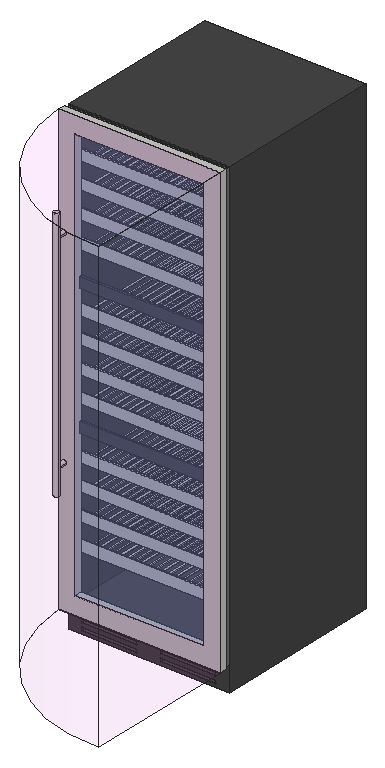
Revit family "QF_Summit_SWCP1988T_Wine_Cellar", category Specialty Equipment, Revit 2020
Family settings
  Round Connector Dimension = Use Diameter
  Part Type = Normal
  Work Plane-Based = No
  Always vertical = Yes
  Cut with Voids When Loaded = No
  Shared = No
  Room Calculation Point = No
Parameters
  Weight in Pounds = 269
  Watts = if(Phase = 3, Volts * FL Amps * 1.73, Volts * FL Amps)  # 149.5 W
  Volts = 115 V
  URL Cutsheet = ""
  Specification by User = ""
  Specification by Manufacturer = ""
  Show RHD [instance] = not(Show LHD)  # no
  Show LHD [instance] = yes
  Show Clearance [instance] = yes
  Serial Number = ""
  Seismic Rating = ""
  SMACNA No = ""
  Revision Code = ""
  Refrigerant Type = "R600a"
  Phase = 1
  Number of Poles = 1
  NAFEM Spec ID Number = ""
  Model = "SWCP1988T"
  Min Ckt Ampacity = 0 A
  Max Overcurrent Protection = 0 A
  Masterspec = ""
  Manufacturer = "Summit"
  Length = 23 5/8"
  Item Number = ""
  Installed By = ""
  Identify Quantity as Lot = yes
  Height = 69 1/2"
  HP = ""
  Furnished By = ""
  Foodservice Equipment Identifier = yes
  FL Amps = 1.3 A
  Electrical Remarks = ""
  Electric Connection Type = ""
  Elec Conn RI Height = 0"
  Elec Conn Connection Height = 0"
  Description = "Wine Cellar"
  Depth = 26 1/2"
  Default Elevation = 0"
  Cycle = 60 Hz
  Conn Plug = ""
  Conn Conduit = yes
  CSI MasterFormat = ""
  Apparent Power = if(Phase = 3, Volts * FL Amps * 1.73, Volts * FL Amps)  # 149.5 VA
Reference planes (in)
  plane 1 "BACK": y = 0
  plane 2: z = 0
  plane 3 "LEFT": x = 0
  plane 4 "RIGHT": x = 23.625
  plane 5 "FRONT": y = -26.5
  plane 6 "TOP": z = 69.5
  plane 7 "Center Y": x = 11.8125
  plane 8 "Center X": y = -13.25
  plane 9: y = -24.75
  plane 10: y = -48.75
  plane 11: y = -28.25
  plane 12 "Base Height": z = 0.75
  plane 13: z = 4
  plane 14: z = 6.125
  plane 15: x = 1.1875
Forms (in)
  Extrusion 1, solid, material "QF_Metal_Stainless_Polished"
    sketch origin (23.625, -24.75, 0.75) x (-1, 0, 0) y (0, 0, -1)
      loop
        line (23.625, -68.75) -> (23.625, -3.375) -> (0, -3.375) -> (0, -68.75) -> (23.625, -68.75)
      loop
        line (2.5, -6) -> (2.5, -66.375) -> (21.25, -66.375) -> (21.25, -6) -> (2.5, -6)
    from 0.75 to 1.75
  Extrusion 2, solid, material "Glass"
    sketch origin (23.625, -24.75, 0.75) x (-1, 0, 0) y (0, 0, -1)
      loop
        line (21.25, -66.375) -> (21.25, -6) -> (2.5, -6) -> (2.5, -66.375) -> (21.25, -66.375)
    from 1 to 1.75
  Extrusion 3, solid, material "QF_Metal_Black"
    sketch origin (23.625, -24.75, 0.75) x (-1, 0, 0) y (0, 0, -1)
      loop
        line (2.5, -47.525) -> (21.25, -47.525) -> (21.25, -45.9) -> (2.5, -45.9) -> (2.5, -47.525)
      loop
        line (2.5, -28.5) -> (21.25, -28.5) -> (21.25, -26.875) -> (2.5, -26.875) -> (2.5, -28.5)
    from 0.75 to 1
  Extrusion 4, solid, material "QF_Metal_Stainless_Polished", visible <- "Show LHD"
    sketch origin (14.48848, -23.375, 0.625) x (-1, 0, 0) y (0, 0, -1)
      loop
        circle (13.7387, -53.045) r 0.3125
      loop
        circle (13.7387, -22.92) r 0.3125
    from 4.44906 to 3.125
  Extrusion 5, solid, material "QF_Metal_Stainless_Polished", visible <- "Show LHD"
    sketch origin (0.25576, 0, 0.75) x (-1, 0, 0) y (0, -1, 0)
      loop
        circle (-0.49424, 27.875) r 0.375
    from 19.17 to 56.17
  Extrusion 6, solid, material "QF_Rubber_Black_Smooth"
    sketch origin (1.09375, 0, 0.3125) x (1, 0, 0) y (0, 0, -1)
      loop
        circle (18.97551, -1.51083) r 0.25
    from -0.0625 to 0.10156
  Extrusion 7, void
    sketch origin (23.625, 0, 0) x (0, -1, 0) y (0, 0, 1)
      loop
        line (3.75, 68.125) -> (3.75, 10.375) -> (9.75, 10.375) -> (9.75, 5.375) -> (25.125, 5.375) -> (25.125, 68.125) -> (3.75, 68.125)
    from 1.625 to 22.125
  Extrusion 8, solid, material "QF_Rubber_Black_Smooth"
    sketch origin (23.625, -24.75, 0.75) x (-1, 0, 0) y (0, 0, -1)
      loop
        line (23.375, -3.5) -> (0.25, -3.5) -> (0.25, -68.5) -> (23.375, -68.5) -> (23.375, -3.5)
      loop
        line (22.375, -67.5) -> (22.375, -4.5) -> (1.25, -4.5) -> (1.25, -67.5) -> (22.375, -67.5)
    from 0 to 0.75
  Extrusion 9, solid, material "QF_Metal_Black"
    sketch origin (0, 0, 0.75) x (-1, 0, 0) y (0, -1, 0)
      loop
        line (-0.0625, 0) -> (-0.0625, 24.75) -> (-23.5625, 24.75) -> (-23.5625, 0) -> (-0.0625, 0)
    from 0 to 68.75
  Extrusion 10, void
    sketch origin (24.0305, -23.84336, 1.19002) x (-1, 0, 0) y (0, 0.258819, -0.965926)
      loop
        line (22.0305, -2.75) -> (22.0305, -2.25) -> (14.0305, -2.25) -> (14.0305, -2.75) -> (22.0305, -2.75)
      loop
        line (22.0305, -1.75) -> (22.0305, -1.25) -> (14.0305, -1.25) -> (14.0305, -1.75) -> (22.0305, -1.75)
      loop
        line (22.0305, -0.75) -> (22.0305, -0.25) -> (14.0305, -0.25) -> (14.0305, -0.75) -> (22.0305, -0.75)
      loop
        line (2.5305, -2.75) -> (10.5305, -2.75) -> (10.5305, -2.25) -> (2.5305, -2.25) -> (2.5305, -2.75)
      loop
        line (2.5305, -1.75) -> (10.5305, -1.75) -> (10.5305, -1.25) -> (2.5305, -1.25) -> (2.5305, -1.75)
      loop
        line (2.5305, -0.75) -> (10.5305, -0.75) -> (10.5305, -0.25) -> (2.5305, -0.25) -> (2.5305, -0.75)
    from 1.44536 to -1
  Revolve 11, solid
    sketch origin (0, -2.83333, 0) x (1, 0, 0) y (0, 0, 1)
      loop
        line (21.93936, 0.75) -> (21.75886, 0.75) -> (21.75886, 0.482) -> (21.31436, 0.482) -> (21.34561, 0) -> (21.93936, 0) -> (21.93936, 0.75)
      axis (21.93936, 0) -> (21.93936, 0.75)
    angle from 0 to 360
  Revolve 12, solid
    sketch origin (-20.25186, -2.83333, 0) x (1, 0, 0) y (0, 0, 1)
      loop
        line (21.93936, 0.75) -> (21.75886, 0.75) -> (21.75886, 0.482) -> (21.31436, 0.482) -> (21.34561, 0) -> (21.93936, 0) -> (21.93936, 0.75)
      axis (21.93936, 0) -> (21.93936, 0.75)
    angle from 0 to 360
  Revolve 13, solid
    sketch origin (0, -21.91667, 0) x (1, 0, 0) y (0, 0, 1)
      loop
        line (21.93936, 0.75) -> (21.75886, 0.75) -> (21.75886, 0.482) -> (21.31436, 0.482) -> (21.34561, 0) -> (21.93936, 0) -> (21.93936, 0.75)
      axis (21.93936, 0) -> (21.93936, 0.75)
    angle from 0 to 360
  Revolve 14, solid
    sketch origin (-20.25186, -21.91667, 0) x (1, 0, 0) y (0, 0, 1)
      loop
        line (21.93936, 0.75) -> (21.75886, 0.75) -> (21.75886, 0.482) -> (21.31436, 0.482) -> (21.34561, 0) -> (21.93936, 0) -> (21.93936, 0.75)
      axis (21.93936, 0) -> (21.93936, 0.75)
    angle from 0 to 360
  Extrusion 15, solid, material "QF_Metal_Black"
    sketch origin (23.625, -3.75, 31.875) x (0, 0, -1) y (1, 0, 0)
      loop
        circle (-33.18101, -11.875) r 1.03125
      loop
        circle (-33.18101, -11.875) r 1.125
      loop
        circle (-33.18101, -11.875) r 1.40625
      loop
        circle (-33.18101, -11.875) r 1.5
      loop
        circle (-33.18101, -11.875) r 1.78125
      loop
        circle (-33.18101, -11.875) r 1.875
    from 0 to 0.25
  Extrusion 16, solid, material "QF_Clearances_Door_Drawer", visible <- "Show LHD"
    sketch origin (0, 0, 0.75) x (-1, 0, 0) y (0, -1, 0)
      loop
        line (-23.625, 48.74698) -> (-23.625, 26.5) -> (-0.02152, 26.5)
        arc (-0.02152, 26.5) -> (-7.30314, 42.41922) -> (-23.625, 48.74698) r 23.25
    from 3.25 to 68.75
  Extrusion 17, solid, material "QF_Metal_Stainless_Polished"
    sketch origin (23.625, -25.5, 0.75) x (1, 0, 0) y (0, 0, -1)
      loop
        line (-21.25, -64.01254) -> (-2.5, -64.01254) -> (-2.5, -62.41369) -> (-21.25, -62.41369) -> (-21.25, -64.01254)
    from 0 to 0.125
  Extrusion 18, solid, material "QF_Metal_Stainless_Polished"
    sketch origin (23.625, -25.375, 0.75) x (1, 0, 0) y (0, 0, -1)
      loop
        circle (-11.8125, -62.65879) r 0.11817
      loop
        circle (-12.8125, -62.65879) r 0.11817
      loop
        circle (-13.8125, -62.65879) r 0.11817
      loop
        circle (-14.8125, -62.65879) r 0.11817
      loop
        circle (-15.8125, -62.65879) r 0.11817
      loop
        circle (-16.8125, -62.65879) r 0.11817
      loop
        circle (-17.8125, -62.65879) r 0.11817
      loop
        circle (-18.8125, -62.65879) r 0.11817
      loop
        circle (-19.8125, -62.65879) r 0.11817
      loop
        circle (-20.8125, -62.65879) r 0.11817
      loop
        circle (-10.8125, -62.65879) r 0.11817
      loop
        circle (-9.8125, -62.65879) r 0.11817
      loop
        circle (-8.8125, -62.65879) r 0.11817
      loop
        circle (-7.8125, -62.65879) r 0.11817
      loop
        circle (-6.8125, -62.65879) r 0.11817
      loop
        circle (-5.8125, -62.65879) r 0.11817
      loop
        circle (-4.8125, -62.65879) r 0.11817
      loop
        circle (-3.8125, -62.65879) r 0.11817
      loop
        circle (-2.8125, -62.65879) r 0.11817
    from 0 to 21
  Extrusion 19, solid, material "QF_Metal_Stainless_Polished", not visible
    sketch origin (23.625, -25.5, 0.75) x (1, 0, 0) y (0, 0, -1)
      loop
        line (-21.25, -64.01254) -> (-2.5, -64.01254) -> (-2.5, -62.41369) -> (-21.25, -62.41369) -> (-21.25, -64.01254)
    from 0 to 0.125
  Extrusion 20, solid, material "QF_Metal_Stainless_Polished", not visible
    sketch origin (23.625, -25.375, 0.75) x (1, 0, 0) y (0, 0, -1)
      loop
        circle (-11.8125, -62.65879) r 0.11817
      loop
        circle (-12.8125, -62.65879) r 0.11817
      loop
        circle (-13.8125, -62.65879) r 0.11817
      loop
        circle (-14.8125, -62.65879) r 0.11817
      loop
        circle (-15.8125, -62.65879) r 0.11817
      loop
        circle (-16.8125, -62.65879) r 0.11817
      loop
        circle (-17.8125, -62.65879) r 0.11817
      loop
        circle (-18.8125, -62.65879) r 0.11817
      loop
        circle (-19.8125, -62.65879) r 0.11817
      loop
        circle (-20.8125, -62.65879) r 0.11817
      loop
        circle (-10.8125, -62.65879) r 0.11817
      loop
        circle (-9.8125, -62.65879) r 0.11817
      loop
        circle (-8.8125, -62.65879) r 0.11817
      loop
        circle (-7.8125, -62.65879) r 0.11817
      loop
        circle (-6.8125, -62.65879) r 0.11817
      loop
        circle (-5.8125, -62.65879) r 0.11817
      loop
        circle (-4.8125, -62.65879) r 0.11817
      loop
        circle (-3.8125, -62.65879) r 0.11817
      loop
        circle (-2.8125, -62.65879) r 0.11817
    from 0 to 21
  Extrusion 21, solid, material "QF_Metal_Stainless_Polished"
    sketch origin (21.125, -25.5, 63.16369) x (0, 1, 0) y (1, 0, 0)
      loop
        line (21.125, -18.43067) -> (21.125, -0.18067) -> (20.875, -0.18067) -> (20.875, -18.43067) -> (21.125, -18.43067)
      loop
        line (7.125, -18.43067) -> (7.125, -0.18067) -> (6.875, -0.18067) -> (6.875, -18.43067) -> (7.125, -18.43067)
      loop
        line (12.25, -18.43067) -> (12.25, -0.18067) -> (12, -0.18067) -> (12, -18.43067) -> (12.25, -18.43067)
    from -0.33488 to -0.19678
  Extrusion 22, solid, material "QF_Metal_Stainless_Polished", not visible
    sketch origin (21.125, -25.5, 63.16369) x (0, 1, 0) y (1, 0, 0)
      loop
        line (21.125, -18.43067) -> (21.125, -0.18067) -> (20.875, -0.18067) -> (20.875, -18.43067) -> (21.125, -18.43067)
      loop
        line (7.125, -18.43067) -> (7.125, -0.18067) -> (6.875, -0.18067) -> (6.875, -18.43067) -> (7.125, -18.43067)
      loop
        line (12.25, -18.43067) -> (12.25, -0.18067) -> (12, -0.18067) -> (12, -18.43067) -> (12.25, -18.43067)
    from -0.33488 to -0.19678
  Extrusion 23, solid, material "QF_Metal_Stainless_Polished"
    sketch origin (23.625, -25.5, -3.125) x (1, 0, 0) y (0, 0, -1)
      loop
        line (-21.25, -64.01254) -> (-2.5, -64.01254) -> (-2.5, -62.41369) -> (-21.25, -62.41369) -> (-21.25, -64.01254)
    from 0 to 0.125
  Extrusion 24, solid, material "QF_Metal_Stainless_Polished"
    sketch origin (23.625, -25.375, -3.125) x (1, 0, 0) y (0, 0, -1)
      loop
        circle (-11.8125, -62.65879) r 0.11817
      loop
        circle (-12.8125, -62.65879) r 0.11817
      loop
        circle (-13.8125, -62.65879) r 0.11817
      loop
        circle (-14.8125, -62.65879) r 0.11817
      loop
        circle (-15.8125, -62.65879) r 0.11817
      loop
        circle (-16.8125, -62.65879) r 0.11817
      loop
        circle (-17.8125, -62.65879) r 0.11817
      loop
        circle (-18.8125, -62.65879) r 0.11817
      loop
        circle (-19.8125, -62.65879) r 0.11817
      loop
        circle (-20.8125, -62.65879) r 0.11817
      loop
        circle (-10.8125, -62.65879) r 0.11817
      loop
        circle (-9.8125, -62.65879) r 0.11817
      loop
        circle (-8.8125, -62.65879) r 0.11817
      loop
        circle (-7.8125, -62.65879) r 0.11817
      loop
        circle (-6.8125, -62.65879) r 0.11817
      loop
        circle (-5.8125, -62.65879) r 0.11817
      loop
        circle (-4.8125, -62.65879) r 0.11817
      loop
        circle (-3.8125, -62.65879) r 0.11817
      loop
        circle (-2.8125, -62.65879) r 0.11817
    from 0 to 21
  Extrusion 25, solid, material "QF_Metal_Stainless_Polished"
    sketch origin (21.125, -25.5, 59.28869) x (0, 1, 0) y (1, 0, 0)
      loop
        line (21.125, -18.43067) -> (21.125, -0.18067) -> (20.875, -0.18067) -> (20.875, -18.43067) -> (21.125, -18.43067)
      loop
        line (7.125, -18.43067) -> (7.125, -0.18067) -> (6.875, -0.18067) -> (6.875, -18.43067) -> (7.125, -18.43067)
      loop
        line (12.25, -18.43067) -> (12.25, -0.18067) -> (12, -0.18067) -> (12, -18.43067) -> (12.25, -18.43067)
    from -0.33488 to -0.19678
  Extrusion 26, solid, material "QF_Metal_Stainless_Polished"
    sketch origin (23.625, -25.5, -7) x (1, 0, 0) y (0, 0, -1)
      loop
        line (-21.25, -64.01254) -> (-2.5, -64.01254) -> (-2.5, -62.41369) -> (-21.25, -62.41369) -> (-21.25, -64.01254)
    from 0 to 0.125
  Extrusion 27, solid, material "QF_Metal_Stainless_Polished"
    sketch origin (23.625, -25.375, -7) x (1, 0, 0) y (0, 0, -1)
      loop
        circle (-11.8125, -62.65879) r 0.11817
      loop
        circle (-12.8125, -62.65879) r 0.11817
      loop
        circle (-13.8125, -62.65879) r 0.11817
      loop
        circle (-14.8125, -62.65879) r 0.11817
      loop
        circle (-15.8125, -62.65879) r 0.11817
      loop
        circle (-16.8125, -62.65879) r 0.11817
      loop
        circle (-17.8125, -62.65879) r 0.11817
      loop
        circle (-18.8125, -62.65879) r 0.11817
      loop
        circle (-19.8125, -62.65879) r 0.11817
      loop
        circle (-20.8125, -62.65879) r 0.11817
      loop
        circle (-10.8125, -62.65879) r 0.11817
      loop
        circle (-9.8125, -62.65879) r 0.11817
      loop
        circle (-8.8125, -62.65879) r 0.11817
      loop
        circle (-7.8125, -62.65879) r 0.11817
      loop
        circle (-6.8125, -62.65879) r 0.11817
      loop
        circle (-5.8125, -62.65879) r 0.11817
      loop
        circle (-4.8125, -62.65879) r 0.11817
      loop
        circle (-3.8125, -62.65879) r 0.11817
      loop
        circle (-2.8125, -62.65879) r 0.11817
    from 0 to 21
  Extrusion 28, solid, material "QF_Metal_Stainless_Polished"
    sketch origin (21.125, -25.5, 55.41369) x (0, 1, 0) y (1, 0, 0)
      loop
        line (21.125, -18.43067) -> (21.125, -0.18067) -> (20.875, -0.18067) -> (20.875, -18.43067) -> (21.125, -18.43067)
      loop
        line (7.125, -18.43067) -> (7.125, -0.18067) -> (6.875, -0.18067) -> (6.875, -18.43067) -> (7.125, -18.43067)
      loop
        line (12.25, -18.43067) -> (12.25, -0.18067) -> (12, -0.18067) -> (12, -18.43067) -> (12.25, -18.43067)
    from -0.33488 to -0.19678
  Extrusion 29, solid, material "QF_Metal_Stainless_Polished"
    sketch origin (23.625, -25.5, -10.875) x (1, 0, 0) y (0, 0, -1)
      loop
        line (-21.25, -64.01254) -> (-2.5, -64.01254) -> (-2.5, -62.41369) -> (-21.25, -62.41369) -> (-21.25, -64.01254)
    from 0 to 0.125
  Extrusion 30, solid, material "QF_Metal_Stainless_Polished"
    sketch origin (23.625, -25.375, -10.875) x (1, 0, 0) y (0, 0, -1)
      loop
        circle (-11.8125, -62.65879) r 0.11817
      loop
        circle (-12.8125, -62.65879) r 0.11817
      loop
        circle (-13.8125, -62.65879) r 0.11817
      loop
        circle (-14.8125, -62.65879) r 0.11817
      loop
        circle (-15.8125, -62.65879) r 0.11817
      loop
        circle (-16.8125, -62.65879) r 0.11817
      loop
        circle (-17.8125, -62.65879) r 0.11817
      loop
        circle (-18.8125, -62.65879) r 0.11817
      loop
        circle (-19.8125, -62.65879) r 0.11817
      loop
        circle (-20.8125, -62.65879) r 0.11817
      loop
        circle (-10.8125, -62.65879) r 0.11817
      loop
        circle (-9.8125, -62.65879) r 0.11817
      loop
        circle (-8.8125, -62.65879) r 0.11817
      loop
        circle (-7.8125, -62.65879) r 0.11817
      loop
        circle (-6.8125, -62.65879) r 0.11817
      loop
        circle (-5.8125, -62.65879) r 0.11817
      loop
        circle (-4.8125, -62.65879) r 0.11817
      loop
        circle (-3.8125, -62.65879) r 0.11817
      loop
        circle (-2.8125, -62.65879) r 0.11817
    from 0 to 21
  Extrusion 31, solid, material "QF_Metal_Stainless_Polished"
    sketch origin (21.125, -25.5, 51.53869) x (0, 1, 0) y (1, 0, 0)
      loop
        line (21.125, -18.43067) -> (21.125, -0.18067) -> (20.875, -0.18067) -> (20.875, -18.43067) -> (21.125, -18.43067)
      loop
        line (7.125, -18.43067) -> (7.125, -0.18067) -> (6.875, -0.18067) -> (6.875, -18.43067) -> (7.125, -18.43067)
      loop
        line (12.25, -18.43067) -> (12.25, -0.18067) -> (12, -0.18067) -> (12, -18.43067) -> (12.25, -18.43067)
    from -0.33488 to -0.19678
  Extrusion 32, solid, material "QF_Metal_Stainless_Polished"
    sketch origin (23.625, -25.5, -19.475) x (1, 0, 0) y (0, 0, -1)
      loop
        line (-21.25, -64.01254) -> (-2.5, -64.01254) -> (-2.5, -62.41369) -> (-21.25, -62.41369) -> (-21.25, -64.01254)
    from 0 to 0.125
  Extrusion 33, solid, material "QF_Metal_Stainless_Polished"
    sketch origin (23.625, -25.375, -19.475) x (1, 0, 0) y (0, 0, -1)
      loop
        circle (-11.8125, -62.65879) r 0.11817
      loop
        circle (-12.8125, -62.65879) r 0.11817
      loop
        circle (-13.8125, -62.65879) r 0.11817
      loop
        circle (-14.8125, -62.65879) r 0.11817
      loop
        circle (-15.8125, -62.65879) r 0.11817
      loop
        circle (-16.8125, -62.65879) r 0.11817
      loop
        circle (-17.8125, -62.65879) r 0.11817
      loop
        circle (-18.8125, -62.65879) r 0.11817
      loop
        circle (-19.8125, -62.65879) r 0.11817
      loop
        circle (-20.8125, -62.65879) r 0.11817
      loop
        circle (-10.8125, -62.65879) r 0.11817
      loop
        circle (-9.8125, -62.65879) r 0.11817
      loop
        circle (-8.8125, -62.65879) r 0.11817
      loop
        circle (-7.8125, -62.65879) r 0.11817
      loop
        circle (-6.8125, -62.65879) r 0.11817
      loop
        circle (-5.8125, -62.65879) r 0.11817
      loop
        circle (-4.8125, -62.65879) r 0.11817
      loop
        circle (-3.8125, -62.65879) r 0.11817
      loop
        circle (-2.8125, -62.65879) r 0.11817
    from 0 to 21
  Extrusion 34, solid, material "QF_Metal_Stainless_Polished"
    sketch origin (21.125, -25.5, 42.93869) x (0, 1, 0) y (1, 0, 0)
      loop
        line (21.125, -18.43067) -> (21.125, -0.18067) -> (20.875, -0.18067) -> (20.875, -18.43067) -> (21.125, -18.43067)
      loop
        line (7.125, -18.43067) -> (7.125, -0.18067) -> (6.875, -0.18067) -> (6.875, -18.43067) -> (7.125, -18.43067)
      loop
        line (12.25, -18.43067) -> (12.25, -0.18067) -> (12, -0.18067) -> (12, -18.43067) -> (12.25, -18.43067)
    from -0.33488 to -0.19678
  Extrusion 35, solid, material "QF_Metal_Stainless_Polished"
    sketch origin (23.625, -25.5, -23.35) x (1, 0, 0) y (0, 0, -1)
      loop
        line (-21.25, -64.01254) -> (-2.5, -64.01254) -> (-2.5, -62.41369) -> (-21.25, -62.41369) -> (-21.25, -64.01254)
    from 0 to 0.125
  Extrusion 36, solid, material "QF_Metal_Stainless_Polished"
    sketch origin (23.625, -25.375, -23.35) x (1, 0, 0) y (0, 0, -1)
      loop
        circle (-11.8125, -62.65879) r 0.11817
      loop
        circle (-12.8125, -62.65879) r 0.11817
      loop
        circle (-13.8125, -62.65879) r 0.11817
      loop
        circle (-14.8125, -62.65879) r 0.11817
      loop
        circle (-15.8125, -62.65879) r 0.11817
      loop
        circle (-16.8125, -62.65879) r 0.11817
      loop
        circle (-17.8125, -62.65879) r 0.11817
      loop
        circle (-18.8125, -62.65879) r 0.11817
      loop
        circle (-19.8125, -62.65879) r 0.11817
      loop
        circle (-20.8125, -62.65879) r 0.11817
      loop
        circle (-10.8125, -62.65879) r 0.11817
      loop
        circle (-9.8125, -62.65879) r 0.11817
      loop
        circle (-8.8125, -62.65879) r 0.11817
      loop
        circle (-7.8125, -62.65879) r 0.11817
      loop
        circle (-6.8125, -62.65879) r 0.11817
      loop
        circle (-5.8125, -62.65879) r 0.11817
      loop
        circle (-4.8125, -62.65879) r 0.11817
      loop
        circle (-3.8125, -62.65879) r 0.11817
      loop
        circle (-2.8125, -62.65879) r 0.11817
    from 0 to 21
  Extrusion 37, solid, material "QF_Metal_Stainless_Polished"
    sketch origin (21.125, -25.5, 39.06369) x (0, 1, 0) y (1, 0, 0)
      loop
        line (21.125, -18.43067) -> (21.125, -0.18067) -> (20.875, -0.18067) -> (20.875, -18.43067) -> (21.125, -18.43067)
      loop
        line (7.125, -18.43067) -> (7.125, -0.18067) -> (6.875, -0.18067) -> (6.875, -18.43067) -> (7.125, -18.43067)
      loop
        line (12.25, -18.43067) -> (12.25, -0.18067) -> (12, -0.18067) -> (12, -18.43067) -> (12.25, -18.43067)
    from -0.33488 to -0.19678
  Extrusion 38, solid, material "QF_Metal_Stainless_Polished"
    sketch origin (23.625, -25.5, -27.225) x (1, 0, 0) y (0, 0, -1)
      loop
        line (-21.25, -64.01254) -> (-2.5, -64.01254) -> (-2.5, -62.41369) -> (-21.25, -62.41369) -> (-21.25, -64.01254)
    from 0 to 0.125
  Extrusion 39, solid, material "QF_Metal_Stainless_Polished"
    sketch origin (23.625, -25.375, -27.225) x (1, 0, 0) y (0, 0, -1)
      loop
        circle (-11.8125, -62.65879) r 0.11817
      loop
        circle (-12.8125, -62.65879) r 0.11817
      loop
        circle (-13.8125, -62.65879) r 0.11817
      loop
        circle (-14.8125, -62.65879) r 0.11817
      loop
        circle (-15.8125, -62.65879) r 0.11817
      loop
        circle (-16.8125, -62.65879) r 0.11817
      loop
        circle (-17.8125, -62.65879) r 0.11817
      loop
        circle (-18.8125, -62.65879) r 0.11817
      loop
        circle (-19.8125, -62.65879) r 0.11817
      loop
        circle (-20.8125, -62.65879) r 0.11817
      loop
        circle (-10.8125, -62.65879) r 0.11817
      loop
        circle (-9.8125, -62.65879) r 0.11817
      loop
        circle (-8.8125, -62.65879) r 0.11817
      loop
        circle (-7.8125, -62.65879) r 0.11817
      loop
        circle (-6.8125, -62.65879) r 0.11817
      loop
        circle (-5.8125, -62.65879) r 0.11817
      loop
        circle (-4.8125, -62.65879) r 0.11817
      loop
        circle (-3.8125, -62.65879) r 0.11817
      loop
        circle (-2.8125, -62.65879) r 0.11817
    from 0 to 21
  Extrusion 40, solid, material "QF_Metal_Stainless_Polished"
    sketch origin (21.125, -25.5, 35.18869) x (0, 1, 0) y (1, 0, 0)
      loop
        line (21.125, -18.43067) -> (21.125, -0.18067) -> (20.875, -0.18067) -> (20.875, -18.43067) -> (21.125, -18.43067)
      loop
        line (7.125, -18.43067) -> (7.125, -0.18067) -> (6.875, -0.18067) -> (6.875, -18.43067) -> (7.125, -18.43067)
      loop
        line (12.25, -18.43067) -> (12.25, -0.18067) -> (12, -0.18067) -> (12, -18.43067) -> (12.25, -18.43067)
    from -0.33488 to -0.19678
  Extrusion 41, solid, material "QF_Metal_Stainless_Polished"
    sketch origin (23.625, -25.5, -31.1) x (1, 0, 0) y (0, 0, -1)
      loop
        line (-21.25, -64.01254) -> (-2.5, -64.01254) -> (-2.5, -62.41369) -> (-21.25, -62.41369) -> (-21.25, -64.01254)
    from 0 to 0.125
  Extrusion 42, solid, material "QF_Metal_Stainless_Polished"
    sketch origin (23.625, -25.375, -31.1) x (1, 0, 0) y (0, 0, -1)
      loop
        circle (-11.8125, -62.65879) r 0.11817
      loop
        circle (-12.8125, -62.65879) r 0.11817
      loop
        circle (-13.8125, -62.65879) r 0.11817
      loop
        circle (-14.8125, -62.65879) r 0.11817
      loop
        circle (-15.8125, -62.65879) r 0.11817
      loop
        circle (-16.8125, -62.65879) r 0.11817
      loop
        circle (-17.8125, -62.65879) r 0.11817
      loop
        circle (-18.8125, -62.65879) r 0.11817
      loop
        circle (-19.8125, -62.65879) r 0.11817
      loop
        circle (-20.8125, -62.65879) r 0.11817
      loop
        circle (-10.8125, -62.65879) r 0.11817
      loop
        circle (-9.8125, -62.65879) r 0.11817
      loop
        circle (-8.8125, -62.65879) r 0.11817
      loop
        circle (-7.8125, -62.65879) r 0.11817
      loop
        circle (-6.8125, -62.65879) r 0.11817
      loop
        circle (-5.8125, -62.65879) r 0.11817
      loop
        circle (-4.8125, -62.65879) r 0.11817
      loop
        circle (-3.8125, -62.65879) r 0.11817
      loop
        circle (-2.8125, -62.65879) r 0.11817
    from 0 to 21
  Extrusion 43, solid, material "QF_Metal_Stainless_Polished"
    sketch origin (21.125, -25.5, 31.31369) x (0, 1, 0) y (1, 0, 0)
      loop
        line (21.125, -18.43067) -> (21.125, -0.18067) -> (20.875, -0.18067) -> (20.875, -18.43067) -> (21.125, -18.43067)
      loop
        line (7.125, -18.43067) -> (7.125, -0.18067) -> (6.875, -0.18067) -> (6.875, -18.43067) -> (7.125, -18.43067)
      loop
        line (12.25, -18.43067) -> (12.25, -0.18067) -> (12, -0.18067) -> (12, -18.43067) -> (12.25, -18.43067)
    from -0.33488 to -0.19678
  Extrusion 44, solid, material "QF_Metal_Stainless_Polished"
    sketch origin (23.625, -25.5, -38.725) x (1, 0, 0) y (0, 0, -1)
      loop
        line (-21.25, -64.01254) -> (-2.5, -64.01254) -> (-2.5, -62.41369) -> (-21.25, -62.41369) -> (-21.25, -64.01254)
    from 0 to 0.125
  Extrusion 45, solid, material "QF_Metal_Stainless_Polished"
    sketch origin (23.625, -25.375, -38.725) x (1, 0, 0) y (0, 0, -1)
      loop
        circle (-11.8125, -62.65879) r 0.11817
      loop
        circle (-12.8125, -62.65879) r 0.11817
      loop
        circle (-13.8125, -62.65879) r 0.11817
      loop
        circle (-14.8125, -62.65879) r 0.11817
      loop
        circle (-15.8125, -62.65879) r 0.11817
      loop
        circle (-16.8125, -62.65879) r 0.11817
      loop
        circle (-17.8125, -62.65879) r 0.11817
      loop
        circle (-18.8125, -62.65879) r 0.11817
      loop
        circle (-19.8125, -62.65879) r 0.11817
      loop
        circle (-20.8125, -62.65879) r 0.11817
      loop
        circle (-10.8125, -62.65879) r 0.11817
      loop
        circle (-9.8125, -62.65879) r 0.11817
      loop
        circle (-8.8125, -62.65879) r 0.11817
      loop
        circle (-7.8125, -62.65879) r 0.11817
      loop
        circle (-6.8125, -62.65879) r 0.11817
      loop
        circle (-5.8125, -62.65879) r 0.11817
      loop
        circle (-4.8125, -62.65879) r 0.11817
      loop
        circle (-3.8125, -62.65879) r 0.11817
      loop
        circle (-2.8125, -62.65879) r 0.11817
    from 0 to 21
  Extrusion 46, solid, material "QF_Metal_Stainless_Polished"
    sketch origin (21.125, -25.5, 23.68869) x (0, 1, 0) y (1, 0, 0)
      loop
        line (21.125, -18.43067) -> (21.125, -0.18067) -> (20.875, -0.18067) -> (20.875, -18.43067) -> (21.125, -18.43067)
      loop
        line (7.125, -18.43067) -> (7.125, -0.18067) -> (6.875, -0.18067) -> (6.875, -18.43067) -> (7.125, -18.43067)
      loop
        line (12.25, -18.43067) -> (12.25, -0.18067) -> (12, -0.18067) -> (12, -18.43067) -> (12.25, -18.43067)
    from -0.33488 to -0.19678
  Extrusion 47, solid, material "QF_Metal_Stainless_Polished"
    sketch origin (23.625, -25.5, -42.6) x (1, 0, 0) y (0, 0, -1)
      loop
        line (-21.25, -64.01254) -> (-2.5, -64.01254) -> (-2.5, -62.41369) -> (-21.25, -62.41369) -> (-21.25, -64.01254)
    from 0 to 0.125
  Extrusion 48, solid, material "QF_Metal_Stainless_Polished"
    sketch origin (23.625, -25.375, -42.6) x (1, 0, 0) y (0, 0, -1)
      loop
        circle (-11.8125, -62.65879) r 0.11817
      loop
        circle (-12.8125, -62.65879) r 0.11817
      loop
        circle (-13.8125, -62.65879) r 0.11817
      loop
        circle (-14.8125, -62.65879) r 0.11817
      loop
        circle (-15.8125, -62.65879) r 0.11817
      loop
        circle (-16.8125, -62.65879) r 0.11817
      loop
        circle (-17.8125, -62.65879) r 0.11817
      loop
        circle (-18.8125, -62.65879) r 0.11817
      loop
        circle (-19.8125, -62.65879) r 0.11817
      loop
        circle (-20.8125, -62.65879) r 0.11817
      loop
        circle (-10.8125, -62.65879) r 0.11817
      loop
        circle (-9.8125, -62.65879) r 0.11817
      loop
        circle (-8.8125, -62.65879) r 0.11817
      loop
        circle (-7.8125, -62.65879) r 0.11817
      loop
        circle (-6.8125, -62.65879) r 0.11817
      loop
        circle (-5.8125, -62.65879) r 0.11817
      loop
        circle (-4.8125, -62.65879) r 0.11817
      loop
        circle (-3.8125, -62.65879) r 0.11817
      loop
        circle (-2.8125, -62.65879) r 0.11817
    from 0 to 21
  Extrusion 49, solid, material "QF_Metal_Stainless_Polished"
    sketch origin (21.125, -25.5, 19.81369) x (0, 1, 0) y (1, 0, 0)
      loop
        line (21.125, -18.43067) -> (21.125, -0.18067) -> (20.875, -0.18067) -> (20.875, -18.43067) -> (21.125, -18.43067)
      loop
        line (7.125, -18.43067) -> (7.125, -0.18067) -> (6.875, -0.18067) -> (6.875, -18.43067) -> (7.125, -18.43067)
      loop
        line (12.25, -18.43067) -> (12.25, -0.18067) -> (12, -0.18067) -> (12, -18.43067) -> (12.25, -18.43067)
    from -0.33488 to -0.19678
  Extrusion 50, solid, material "QF_Metal_Stainless_Polished"
    sketch origin (23.625, -25.5, -46.475) x (1, 0, 0) y (0, 0, -1)
      loop
        line (-21.25, -64.01254) -> (-2.5, -64.01254) -> (-2.5, -62.41369) -> (-21.25, -62.41369) -> (-21.25, -64.01254)
    from 0 to 0.125
  Extrusion 51, solid, material "QF_Metal_Stainless_Polished"
    sketch origin (23.625, -25.375, -46.475) x (1, 0, 0) y (0, 0, -1)
      loop
        circle (-11.8125, -62.65879) r 0.11817
      loop
        circle (-12.8125, -62.65879) r 0.11817
      loop
        circle (-13.8125, -62.65879) r 0.11817
      loop
        circle (-14.8125, -62.65879) r 0.11817
      loop
        circle (-15.8125, -62.65879) r 0.11817
      loop
        circle (-16.8125, -62.65879) r 0.11817
      loop
        circle (-17.8125, -62.65879) r 0.11817
      loop
        circle (-18.8125, -62.65879) r 0.11817
      loop
        circle (-19.8125, -62.65879) r 0.11817
      loop
        circle (-20.8125, -62.65879) r 0.11817
      loop
        circle (-10.8125, -62.65879) r 0.11817
      loop
        circle (-9.8125, -62.65879) r 0.11817
      loop
        circle (-8.8125, -62.65879) r 0.11817
      loop
        circle (-7.8125, -62.65879) r 0.11817
      loop
        circle (-6.8125, -62.65879) r 0.11817
      loop
        circle (-5.8125, -62.65879) r 0.11817
      loop
        circle (-4.8125, -62.65879) r 0.11817
      loop
        circle (-3.8125, -62.65879) r 0.11817
      loop
        circle (-2.8125, -62.65879) r 0.11817
    from 0 to 21
  Extrusion 52, solid, material "QF_Metal_Stainless_Polished"
    sketch origin (21.125, -25.5, 15.93869) x (0, 1, 0) y (1, 0, 0)
      loop
        line (21.125, -18.43067) -> (21.125, -0.18067) -> (20.875, -0.18067) -> (20.875, -18.43067) -> (21.125, -18.43067)
      loop
        line (7.125, -18.43067) -> (7.125, -0.18067) -> (6.875, -0.18067) -> (6.875, -18.43067) -> (7.125, -18.43067)
      loop
        line (12.25, -18.43067) -> (12.25, -0.18067) -> (12, -0.18067) -> (12, -18.43067) -> (12.25, -18.43067)
    from -0.33488 to -0.19678
  Extrusion 53, solid, material "QF_Metal_Stainless_Polished"
    sketch origin (23.625, -25.5, -50.35) x (1, 0, 0) y (0, 0, -1)
      loop
        line (-21.25, -64.01254) -> (-2.5, -64.01254) -> (-2.5, -62.41369) -> (-21.25, -62.41369) -> (-21.25, -64.01254)
    from 0 to 0.125
  Extrusion 54, solid, material "QF_Metal_Stainless_Polished"
    sketch origin (23.625, -25.375, -50.35) x (1, 0, 0) y (0, 0, -1)
      loop
        circle (-11.8125, -62.65879) r 0.11817
      loop
        circle (-12.8125, -62.65879) r 0.11817
      loop
        circle (-13.8125, -62.65879) r 0.11817
      loop
        circle (-14.8125, -62.65879) r 0.11817
      loop
        circle (-15.8125, -62.65879) r 0.11817
      loop
        circle (-16.8125, -62.65879) r 0.11817
      loop
        circle (-17.8125, -62.65879) r 0.11817
      loop
        circle (-18.8125, -62.65879) r 0.11817
      loop
        circle (-19.8125, -62.65879) r 0.11817
      loop
        circle (-20.8125, -62.65879) r 0.11817
      loop
        circle (-10.8125, -62.65879) r 0.11817
      loop
        circle (-9.8125, -62.65879) r 0.11817
      loop
        circle (-8.8125, -62.65879) r 0.11817
      loop
        circle (-7.8125, -62.65879) r 0.11817
      loop
        circle (-6.8125, -62.65879) r 0.11817
      loop
        circle (-5.8125, -62.65879) r 0.11817
      loop
        circle (-4.8125, -62.65879) r 0.11817
      loop
        circle (-3.8125, -62.65879) r 0.11817
      loop
        circle (-2.8125, -62.65879) r 0.11817
    from 0 to 21
  Extrusion 55, solid, material "QF_Metal_Stainless_Polished"
    sketch origin (21.125, -25.5, 12.06369) x (0, 1, 0) y (1, 0, 0)
      loop
        line (21.125, -18.43067) -> (21.125, -0.18067) -> (20.875, -0.18067) -> (20.875, -18.43067) -> (21.125, -18.43067)
      loop
        line (7.125, -18.43067) -> (7.125, -0.18067) -> (6.875, -0.18067) -> (6.875, -18.43067) -> (7.125, -18.43067)
      loop
        line (12.25, -18.43067) -> (12.25, -0.18067) -> (12, -0.18067) -> (12, -18.43067) -> (12.25, -18.43067)
    from -0.33488 to -0.19678
  Extrusion 56, solid, material "QF_Clearances_Door_Drawer", visible <- "Show RHD"
    sketch origin (23.625, 0, 0.75) x (1, 0, 0) y (0, 1, 0)
      loop
        arc (-23.625, -48.74698) -> (-7.30314, -42.41922) -> (-0.02152, -26.5) r 23.25
        line (-0.02152, -26.5) -> (-23.625, -26.5) -> (-23.625, -48.74698)
    from 3.25 to 68.75
  Extrusion 57, solid, material "QF_Metal_Stainless_Polished", visible <- "Show RHD"
    sketch origin (9.13652, -23.375, 0.625) x (1, 0, 0) y (0, 0, 1)
      loop
        circle (13.7387, 53.045) r 0.3125
      loop
        circle (13.7387, 22.92) r 0.3125
    from 4.44906 to 3.125
  Extrusion 58, solid, material "QF_Metal_Stainless_Polished", visible <- "Show RHD"
    sketch origin (23.36924, 0, 0.75) x (1, 0, 0) y (0, 1, 0)
      loop
        circle (-0.49424, -27.875) r 0.375
    from 19.17 to 56.17
Cuts and joins
  Extrusion 7, Extrusion 10 cuts Extrusion 9
  joined: Extrusion 18, Extrusion 21
Lines and regions (in)
  Split face 1
    outline origin (23.625, -25.75, 0.75) x (-1, 0, 0) y (0, 0, -1)
      loop
        line (13.49558, -47.27279) -> (13.49558, -46.15221) -> (10.25442, -46.15221) -> (10.25442, -47.27279) -> (13.49558, -47.27279)
  Split face 2
    outline origin (23.625, -25.75, 0.75) x (-1, 0, 0) y (0, 0, -1)
      loop
        line (13.49558, -28.24779) -> (13.49558, -27.12721) -> (10.25442, -27.12721) -> (10.25442, -28.24779) -> (13.49558, -28.24779)
  Split face 3
    outline origin (23.625, -25.75, 0.75) x (-1, 0, 0) y (0, 0, -1)
      loop
        circle (6.92191, -46.73087) r 0.27344
  Split face 4
    outline origin (25.89706, -25.75, 0.75) x (-1, 0, 0) y (0, 0, -1)
      loop
        circle (6.92191, -46.73087) r 0.27344
  Split face 5
    outline origin (23.625, -25.75, 0.75) x (-1, 0, 0) y (0, 0, -1)
      loop
        circle (16.26416, -46.698) r 0.27344
  Split face 6
    outline origin (22.14237, -25.75, 0.76563) x (-1, 0, 0) y (0, 0, -1)
      loop
        circle (16.26416, -46.698) r 0.27344
  Split face 7
    outline origin (23.625, -25.75, 0.75) x (-1, 0, 0) y (0, 0, -1)
      loop
        circle (6.92191, -27.70587) r 0.27344
  Split face 8
    outline origin (25.89706, -25.75, 0.75) x (-1, 0, 0) y (0, 0, -1)
      loop
        circle (6.92191, -27.70587) r 0.27344
  Split face 9
    outline origin (23.625, -25.75, 0.75) x (-1, 0, 0) y (0, 0, -1)
      loop
        circle (16.26416, -27.6875) r 0.27344
  Split face 10
    outline origin (23.625, -25.75, 0.75) x (-1, 0, 0) y (0, 0, -1)
      loop
        circle (18.53622, -27.6875) r 0.27344
  Split face 11
    outline origin (23.625, -25.75, 0.75) x (-1, 0, 0) y (0, 0, -1)
      loop
        circle (4.64985, -46.73087) r 0.27344
  Split face 12
    outline origin (23.625, -25.75, 0.75) x (-1, 0, 0) y (0, 0, -1)
      loop
        circle (17.74679, -46.71363) r 0.27344
  Split face 13
    outline origin (23.625, -25.75, 0.75) x (-1, 0, 0) y (0, 0, -1)
      loop
        circle (4.64985, -27.70587) r 0.27344
  symbolic lines
    curve 1: line (0.0625, 0, 0.75) -> (23.5625, 0, 0.75)
    curve 2: line (0.0625, -24.75, 0.75) -> (0.0625, 0, 0.75)
    curve 3: line (23.5625, -24.75, 0.75) -> (0.0625, -24.75, 0.75)
    curve 4: line (23.5625, 0, 0.75) -> (23.5625, -24.75, 0.75)
    curve 5: line (0.25, -24.75, 0.75) -> (0.25, -25.5, 0.75)
    curve 6: line (23.375, -25.5, 0.75) -> (23.375, -24.75, 0.75)
    curve 7: line (0, -25.5, 0.75) -> (23.625, -25.5, 0.75)
    curve 8: line (0, -26.5, 0.75) -> (0, -25.5, 0.75)
    curve 9: line (23.625, -26.5, 0.75) -> (0, -26.5, 0.75)
    curve 10: line (23.625, -25.5, 0.75) -> (23.625, -26.5, 0.75)
  symbolic lines, visible <- "Show LHD"
    curve 11: arc (1.125, -27.875, 0.75) -> (0.75, -27.5, 0.75) -> (0.375, -27.875, 0.75) r 0.375
    curve 12: arc (0.375, -27.875, 0.75) -> (0.75, -28.25, 0.75) -> (1.125, -27.875, 0.75) r 0.375
    curve 13: line (0.43729, -27.66803, 0.75) -> (0.43729, -26.5, 0.75)
    curve 14: line (1.06229, -27.66739, 0.75) -> (1.06229, -26.5, 0.75)
  symbolic lines, style "QF_Clearances_Door_Drawer", visible <- "Show LHD"
    curve 15: arc (0.02152, -26.5, 0.75) -> (1.07988, -32.50345, 0.75) -> (3.66235, -38.02544, 0.75) r 23.25
    curve 16: line (3.66235, -38.02544, 0.75) -> (23.625, -26.5, 0.75)
  symbolic lines, visible <- "Show RHD"
    curve 17: arc (22.5, -27.875, 0.75) -> (22.875, -27.5, 0.75) -> (23.25, -27.875, 0.75) r 0.375
    curve 18: arc (23.25, -27.875, 0.75) -> (22.875, -28.25, 0.75) -> (22.5, -27.875, 0.75) r 0.375
    curve 19: line (23.18771, -27.66803, 0.75) -> (23.18771, -26.5, 0.75)
    curve 20: line (22.56271, -27.66739, 0.75) -> (22.56271, -26.5, 0.75)
  symbolic lines, style "QF_Clearances_Door_Drawer", visible <- "Show RHD"
    curve 21: arc (23.60348, -26.5, 0.75) -> (22.54512, -32.50345, 0.75) -> (19.96265, -38.02544, 0.75) r 23.25
    curve 22: line (19.96265, -38.02544, 0.75) -> (0, -26.5, 0.75)
Dimensions and locks (in)
  equal spacing: plane 3 "LEFT", plane 7 "Center Y", plane 4 "RIGHT"
  "Length": plane 3 "LEFT" to plane 4 "RIGHT"
  equal spacing: plane 5 "FRONT", plane 8 "Center X", plane 1 "BACK"
  "Depth": plane 5 "FRONT" to plane 1 "BACK"
  "Height": plane 6 "TOP" to level
  plane 9 to plane 1 "BACK" = 24 3/4"
  plane 10 to plane 1 "BACK" = 48 3/4"
  plane 11 to plane 5 "FRONT" = 1 3/4"
  plane 12 "Base Height" to level = 3/4"
  plane 13 to plane 12 "Base Height" = 3 1/4"
  Extrusion 7 sketch curve to plane 13 = 1 3/8"
  aligned and locked: level to plane 2
Automatic sketch dimensions
  Extrusion 17 sketch curve to Extrusion 17 sketch curve = 1.59885"
  Extrusion 18 sketch curve to Extrusion 17 = 7/16"
  Extrusion 18 sketch curve to Extrusion 17 = 0.2451"  (x19)
  Extrusion 18 sketch curve to Extrusion 18 sketch curve = 1"  (x17)
  Extrusion 18 sketch curve to Extrusion 17 = 5/16"
  Extrusion 17 sketch curve to Extrusion 17 sketch curve = 18 3/4"
  Extrusion 19 sketch curve to Extrusion 19 sketch curve = 1.59885"
  Extrusion 20 sketch curve to Extrusion 19 = 7/16"
  Extrusion 20 sketch curve to Extrusion 19 = 0.2451"  (x19)
  Extrusion 20 sketch curve to Extrusion 20 sketch curve = 1"  (x17)
  Extrusion 20 sketch curve to Extrusion 19 = 5/16"
  Extrusion 19 sketch curve to Extrusion 19 sketch curve = 18 3/4"
  Extrusion 21 sketch curve to Extrusion 17 = 0.18067"  (x3)
  Extrusion 17 to Extrusion 21 sketch curve = 6 3/4"
  Extrusion 21 sketch curve to Extrusion 21 sketch curve = 1/4"  (x3)
  Extrusion 21 sketch curve to Extrusion 21 sketch curve = 4 7/8"
  Extrusion 17 to Extrusion 21 sketch curve = 0.31933"  (x3)
  Extrusion 21 sketch curve to Extrusion 21 sketch curve = 8 5/8"
  Extrusion 23 sketch curve to Extrusion 23 sketch curve = 1.59885"
  Extrusion 24 sketch curve to Extrusion 23 = 7/16"
  Extrusion 24 sketch curve to Extrusion 23 = 0.2451"  (x19)
  Extrusion 24 sketch curve to Extrusion 24 sketch curve = 1"  (x17)
  Extrusion 24 sketch curve to Extrusion 23 = 5/16"
  Extrusion 23 sketch curve to Extrusion 23 sketch curve = 18 3/4"
  Extrusion 25 sketch curve to Extrusion 23 = 0.18067"  (x3)
  Extrusion 23 to Extrusion 25 sketch curve = 6 3/4"
  Extrusion 25 sketch curve to Extrusion 25 sketch curve = 1/4"  (x3)
  Extrusion 25 sketch curve to Extrusion 25 sketch curve = 4 7/8"
  Extrusion 23 to Extrusion 25 sketch curve = 0.31933"  (x3)
  Extrusion 25 sketch curve to Extrusion 25 sketch curve = 8 5/8"
  Extrusion 26 sketch curve to Extrusion 26 sketch curve = 1.59885"
  Extrusion 27 sketch curve to Extrusion 26 = 7/16"
  Extrusion 27 sketch curve to Extrusion 26 = 0.2451"  (x19)
  Extrusion 27 sketch curve to Extrusion 27 sketch curve = 1"  (x17)
  Extrusion 27 sketch curve to Extrusion 26 = 5/16"
  Extrusion 26 sketch curve to Extrusion 26 sketch curve = 18 3/4"
  Extrusion 28 sketch curve to Extrusion 26 = 0.18067"  (x3)
  Extrusion 26 to Extrusion 28 sketch curve = 6 3/4"
  Extrusion 28 sketch curve to Extrusion 28 sketch curve = 1/4"  (x3)
  Extrusion 28 sketch curve to Extrusion 28 sketch curve = 4 7/8"
  Extrusion 26 to Extrusion 28 sketch curve = 0.31933"  (x3)
  Extrusion 28 sketch curve to Extrusion 28 sketch curve = 8 5/8"
  Extrusion 29 sketch curve to Extrusion 29 sketch curve = 1.59885"
  Extrusion 30 sketch curve to Extrusion 29 = 7/16"
  Extrusion 30 sketch curve to Extrusion 29 = 0.2451"  (x19)
  Extrusion 30 sketch curve to Extrusion 30 sketch curve = 1"  (x17)
  Extrusion 30 sketch curve to Extrusion 29 = 5/16"
  Extrusion 29 sketch curve to Extrusion 29 sketch curve = 18 3/4"
  Extrusion 31 sketch curve to Extrusion 29 = 0.18067"  (x3)
  Extrusion 29 to Extrusion 31 sketch curve = 6 3/4"
  Extrusion 31 sketch curve to Extrusion 31 sketch curve = 1/4"  (x3)
  Extrusion 31 sketch curve to Extrusion 31 sketch curve = 4 7/8"
  Extrusion 29 to Extrusion 31 sketch curve = 0.31933"  (x3)
  Extrusion 31 sketch curve to Extrusion 31 sketch curve = 8 5/8"
  Extrusion 32 sketch curve to Extrusion 32 sketch curve = 1.59885"
  Extrusion 33 sketch curve to Extrusion 32 = 7/16"
  Extrusion 33 sketch curve to Extrusion 32 = 0.2451"  (x19)
  Extrusion 33 sketch curve to Extrusion 33 sketch curve = 1"  (x17)
  Extrusion 33 sketch curve to Extrusion 32 = 5/16"
  Extrusion 32 sketch curve to Extrusion 32 sketch curve = 18 3/4"
  Extrusion 34 sketch curve to Extrusion 32 = 0.18067"  (x3)
  Extrusion 32 to Extrusion 34 sketch curve = 6 3/4"
  Extrusion 34 sketch curve to Extrusion 34 sketch curve = 1/4"  (x3)
  Extrusion 34 sketch curve to Extrusion 34 sketch curve = 4 7/8"
  Extrusion 32 to Extrusion 34 sketch curve = 0.31933"  (x3)
  Extrusion 34 sketch curve to Extrusion 34 sketch curve = 8 5/8"
  Extrusion 35 sketch curve to Extrusion 35 sketch curve = 1.59885"
  Extrusion 36 sketch curve to Extrusion 35 = 7/16"
  Extrusion 36 sketch curve to Extrusion 35 = 0.2451"  (x19)
  Extrusion 36 sketch curve to Extrusion 36 sketch curve = 1"  (x17)
  Extrusion 36 sketch curve to Extrusion 35 = 5/16"
  Extrusion 35 sketch curve to Extrusion 35 sketch curve = 18 3/4"
  Extrusion 37 sketch curve to Extrusion 35 = 0.18067"  (x3)
  Extrusion 35 to Extrusion 37 sketch curve = 6 3/4"
  Extrusion 37 sketch curve to Extrusion 37 sketch curve = 1/4"  (x3)
  Extrusion 37 sketch curve to Extrusion 37 sketch curve = 4 7/8"
  Extrusion 35 to Extrusion 37 sketch curve = 0.31933"  (x3)
  Extrusion 37 sketch curve to Extrusion 37 sketch curve = 8 5/8"
  Extrusion 38 sketch curve to Extrusion 38 sketch curve = 1.59885"
  Extrusion 39 sketch curve to Extrusion 38 = 7/16"
  Extrusion 39 sketch curve to Extrusion 38 = 0.2451"  (x19)
  Extrusion 39 sketch curve to Extrusion 39 sketch curve = 1"  (x17)
  Extrusion 39 sketch curve to Extrusion 38 = 5/16"
  Extrusion 38 sketch curve to Extrusion 38 sketch curve = 18 3/4"
  Extrusion 40 sketch curve to Extrusion 38 = 0.18067"  (x3)
  Extrusion 38 to Extrusion 40 sketch curve = 6 3/4"
  Extrusion 40 sketch curve to Extrusion 40 sketch curve = 1/4"  (x3)
  Extrusion 40 sketch curve to Extrusion 40 sketch curve = 4 7/8"
  Extrusion 38 to Extrusion 40 sketch curve = 0.31933"  (x3)
  Extrusion 40 sketch curve to Extrusion 40 sketch curve = 8 5/8"
  Extrusion 41 sketch curve to Extrusion 41 sketch curve = 1.59885"
  Extrusion 42 sketch curve to Extrusion 41 = 7/16"
  Extrusion 42 sketch curve to Extrusion 41 = 0.2451"  (x19)
  Extrusion 42 sketch curve to Extrusion 42 sketch curve = 1"  (x17)
  Extrusion 42 sketch curve to Extrusion 41 = 5/16"
  Extrusion 41 sketch curve to Extrusion 41 sketch curve = 18 3/4"
  Extrusion 43 sketch curve to Extrusion 41 = 0.18067"  (x3)
  Extrusion 41 to Extrusion 43 sketch curve = 6 3/4"
  Extrusion 43 sketch curve to Extrusion 43 sketch curve = 1/4"  (x3)
  Extrusion 43 sketch curve to Extrusion 43 sketch curve = 4 7/8"
  Extrusion 41 to Extrusion 43 sketch curve = 0.31933"  (x3)
  Extrusion 43 sketch curve to Extrusion 43 sketch curve = 8 5/8"
  Extrusion 44 sketch curve to Extrusion 44 sketch curve = 1.59885"
  Extrusion 45 sketch curve to Extrusion 44 = 7/16"
  Extrusion 45 sketch curve to Extrusion 44 = 0.2451"  (x19)
  Extrusion 45 sketch curve to Extrusion 45 sketch curve = 1"  (x17)
  Extrusion 45 sketch curve to Extrusion 44 = 5/16"
  Extrusion 44 sketch curve to Extrusion 44 sketch curve = 18 3/4"
  Extrusion 46 sketch curve to Extrusion 44 = 0.18067"  (x3)
  Extrusion 44 to Extrusion 46 sketch curve = 6 3/4"
  Extrusion 46 sketch curve to Extrusion 46 sketch curve = 1/4"  (x3)
  Extrusion 46 sketch curve to Extrusion 46 sketch curve = 4 7/8"
  Extrusion 44 to Extrusion 46 sketch curve = 0.31933"  (x3)
  Extrusion 46 sketch curve to Extrusion 46 sketch curve = 8 5/8"
  Extrusion 47 sketch curve to Extrusion 47 sketch curve = 1.59885"
  Extrusion 48 sketch curve to Extrusion 47 = 7/16"
  Extrusion 48 sketch curve to Extrusion 47 = 0.2451"  (x19)
  Extrusion 48 sketch curve to Extrusion 48 sketch curve = 1"  (x17)
  Extrusion 48 sketch curve to Extrusion 47 = 5/16"
  Extrusion 47 sketch curve to Extrusion 47 sketch curve = 18 3/4"
  Extrusion 49 sketch curve to Extrusion 47 = 0.18067"  (x3)
  Extrusion 47 to Extrusion 49 sketch curve = 6 3/4"
  Extrusion 49 sketch curve to Extrusion 49 sketch curve = 1/4"  (x3)
  Extrusion 49 sketch curve to Extrusion 49 sketch curve = 4 7/8"
  Extrusion 47 to Extrusion 49 sketch curve = 0.31933"  (x3)
  Extrusion 49 sketch curve to Extrusion 49 sketch curve = 8 5/8"
  Extrusion 50 sketch curve to Extrusion 50 sketch curve = 1.59885"
  Extrusion 51 sketch curve to Extrusion 50 = 7/16"
  Extrusion 51 sketch curve to Extrusion 50 = 0.2451"  (x19)
  Extrusion 51 sketch curve to Extrusion 51 sketch curve = 1"  (x17)
  Extrusion 51 sketch curve to Extrusion 50 = 5/16"
  Extrusion 50 sketch curve to Extrusion 50 sketch curve = 18 3/4"
  Extrusion 52 sketch curve to Extrusion 50 = 0.18067"  (x3)
  Extrusion 50 to Extrusion 52 sketch curve = 6 3/4"
  Extrusion 52 sketch curve to Extrusion 52 sketch curve = 1/4"  (x3)
  Extrusion 52 sketch curve to Extrusion 52 sketch curve = 4 7/8"
  Extrusion 50 to Extrusion 52 sketch curve = 0.31933"  (x3)
  Extrusion 52 sketch curve to Extrusion 52 sketch curve = 8 5/8"
  Extrusion 53 sketch curve to Extrusion 53 sketch curve = 1.59885"
  Extrusion 54 sketch curve to Extrusion 53 = 7/16"
  Extrusion 54 sketch curve to Extrusion 53 = 0.2451"  (x19)
  Extrusion 54 sketch curve to Extrusion 54 sketch curve = 1"  (x17)
  Extrusion 54 sketch curve to Extrusion 53 = 5/16"
  Extrusion 53 sketch curve to Extrusion 53 sketch curve = 18 3/4"
  Extrusion 55 sketch curve to Extrusion 53 = 0.18067"  (x3)
  Extrusion 53 to Extrusion 55 sketch curve = 6 3/4"
  Extrusion 55 sketch curve to Extrusion 55 sketch curve = 1/4"  (x3)
  Extrusion 55 sketch curve to Extrusion 55 sketch curve = 4 7/8"
  Extrusion 53 to Extrusion 55 sketch curve = 0.31933"  (x3)
  Extrusion 55 sketch curve to Extrusion 55 sketch curve = 8 5/8"
  plane 4 "RIGHT" to Extrusion 1 sketch curve = 0"
  Extrusion 1 sketch curve to plane 3 "LEFT" = 0"
  Extrusion 1 sketch curve to plane 6 "TOP" = 0"
  plane 4 "RIGHT" to Extrusion 1 sketch curve = 2 1/2"
  plane 15 to Extrusion 1 sketch curve = 1 3/16"
  Extrusion 1 sketch curve to plane 6 "TOP" = 2 3/8"
  Extrusion 1 sketch curve to plane 14 = 5/8"
  plane 13 to Extrusion 1 sketch curve = 1/8"
  plane 4 "RIGHT" to Extrusion 2 sketch curve = 2 1/2"
  plane 15 to Extrusion 2 sketch curve = 1 3/16"
  Extrusion 2 sketch curve to plane 6 "TOP" = 2 3/8"
  Extrusion 2 sketch curve to plane 14 = 5/8"
  plane 4 "RIGHT" to Extrusion 3 sketch curve = 2 1/2"  (x2)
  plane 15 to Extrusion 3 sketch curve = 1 3/16"  (x2)
  Extrusion 3 sketch curve to plane 6 "TOP" = 21.225"
  Extrusion 3 sketch curve to Extrusion 3 sketch curve = 1 5/8"  (x2)
  Extrusion 3 sketch curve to Extrusion 3 sketch curve = 17.4"
  Extrusion 4 sketch curve to plane 15 = 0.43771"  (x2)
  Extrusion 4 sketch curve to plane 6 "TOP" = 15.83"
  Extrusion 4 sketch curve to plane 14 = 17.42"
  Extrusion 5 sketch curve to plane 15 = 7/16"
  Extrusion 5 sketch curve to plane 11 = 3/8"
  curve 11 to curve 12 = 0"  (x2)
  curve 17 to curve 18 = 0"  (x2)
  curve 7 to plane 4 "RIGHT" = 0"
  plane 5 "FRONT" to curve 21 = 0"
  curve 4 to plane 9 = 0"
  plane 1 "BACK" to curve 1 = 0"
  plane 5 "FRONT" to curve 19 = 0"
  plane 5 "FRONT" to curve 15 = 0"
  curve 8 to plane 3 "LEFT" = 0"
  plane 4 "RIGHT" to curve 4 = 1/16"
  curve 7 to curve 15 = 3/8"
  curve 18 to plane 11 = 3/8"
  plane 4 "RIGHT" to curve 18 = 3/4"
  plane 4 "RIGHT" to curve 22 = 3.66235"
  plane 15 to curve 16 = 2.47485"
  curve 11 to plane 15 = 7/16"
  plane 3 "LEFT" to curve 21 = 3/8"
  plane 3 "LEFT" to curve 2 = 1/16"
  curve 7 to plane 9 = 3/4"
  curve 15 to curve 6 = 0"
  curve 5 to curve 21 = 0"
  curve 11 to plane 11 = 3/8"
  plane 11 to curve 22 = 9.77544"
  plane 11 to curve 16 = 9.77544"
  curve 3 to curve 6 = 3/16"
  curve 17 to curve 17 = 3/8"
  curve 21 to curve 19 = 0.41577"
  curve 19 to curve 20 = 5/8"
  curve 12 to plane 15 = 1/16"
  curve 14 to plane 15 = 0.12521"
  curve 13 to curve 11 = 0.06229"
  curve 21 to curve 5 = 1/8"
  plane 12 "Base Height" to Extrusion 6 sketch curve = 1.07333"
  plane 4 "RIGHT" to Extrusion 6 sketch curve = 3.55574"
  Extrusion 7 sketch curve to plane 6 "TOP" = 1 3/8"
  plane 1 "BACK" to Extrusion 7 sketch curve = 3 3/4"
  plane 8 "Center X" to Extrusion 7 sketch curve = 3 1/2"
  Extrusion 7 sketch curve to plane 9 = 3/8"
  Extrusion 7 sketch curve to plane 14 = 4 1/4"
  plane 4 "RIGHT" to Extrusion 8 sketch curve = 1/4"
  plane 4 "RIGHT" to Extrusion 8 sketch curve = 1 1/4"
  plane 15 to Extrusion 8 sketch curve = 1/16"
  plane 3 "LEFT" to Extrusion 8 sketch curve = 1/4"
  Extrusion 8 sketch curve to plane 6 "TOP" = 1/4"
  Extrusion 8 sketch curve to plane 6 "TOP" = 1 1/4"
  plane 14 to Extrusion 8 sketch curve = 7/8"
  plane 13 to Extrusion 8 sketch curve = 1/4"
  plane 1 "BACK" to Extrusion 9 sketch curve = 0"
  Extrusion 9 sketch curve to plane 9 = 0"
  plane 4 "RIGHT" to Extrusion 9 sketch curve = 1/16"
  plane 3 "LEFT" to Extrusion 9 sketch curve = 1/16"
  plane 4 "RIGHT" to Extrusion 10 sketch curve = 2 1/8"
  Extrusion 10 sketch curve to Extrusion 10 sketch curve = 0"  (x9)
  plane 7 "Center Y" to Extrusion 10 sketch curve = 1 11/16"
  Extrusion 10 sketch curve to plane 7 "Center Y" = 1 13/16"
  plane 15 to Extrusion 10 sketch curve = 13/16"
  Extrusion 10 sketch curve to Extrusion 10 sketch curve = 1/2"  (x10)
  Revolve 11 sketch curve to level = 0"
  Revolve 11 sketch curve to plane 12 "Base Height" = 0"  (x2)
  Revolve 11 sketch curve to plane 12 "Base Height" = 0.268"
  plane 4 "RIGHT" to Revolve 11 sketch curve = 2.31064"
  Revolve 11 sketch curve to Revolve 11 sketch curve = 1/32"
  Revolve 11 sketch curve to Revolve 11 sketch curve = 0.4445"
  Revolve 11 sketch curve to Revolve 11 sketch curve = 0.1805"
  Revolve 11 sketch curve to Revolve 11 sketch curve = 0"
  plane 12 "Base Height" to Revolve 11 sketch curve = 1/2"
  Revolve 12 sketch curve to level = 0"
  Revolve 12 sketch curve to plane 12 "Base Height" = 0"  (x2)
  Revolve 12 sketch curve to plane 15 = 1/8"
  Revolve 12 sketch curve to plane 15 = 3/32"
  plane 15 to Revolve 12 sketch curve = 0.3195"
  plane 15 to Revolve 12 sketch curve = 1/2"
  Revolve 12 sketch curve to plane 12 "Base Height" = 0.268"
  Revolve 12 sketch curve to Revolve 12 sketch curve = 0"
  plane 12 "Base Height" to Revolve 12 sketch curve = 1/2"
  Revolve 13 sketch curve to level = 0"
  Revolve 13 sketch curve to plane 12 "Base Height" = 0"  (x2)
  Revolve 13 sketch curve to plane 12 "Base Height" = 0.268"
  plane 4 "RIGHT" to Revolve 13 sketch curve = 2.31064"
  Revolve 13 sketch curve to Revolve 13 sketch curve = 1/32"
  Revolve 13 sketch curve to Revolve 13 sketch curve = 0.4445"
  Revolve 13 sketch curve to Revolve 13 sketch curve = 0.1805"
  Revolve 13 sketch curve to Revolve 13 sketch curve = 0"
  plane 12 "Base Height" to Revolve 13 sketch curve = 1/2"
  Revolve 14 sketch curve to level = 0"
  Revolve 14 sketch curve to plane 12 "Base Height" = 0"  (x2)
  Revolve 14 sketch curve to plane 15 = 1/8"
  Revolve 14 sketch curve to plane 15 = 3/32"
  plane 15 to Revolve 14 sketch curve = 0.3195"
  plane 15 to Revolve 14 sketch curve = 1/2"
  Revolve 14 sketch curve to plane 12 "Base Height" = 0.268"
  Revolve 14 sketch curve to Revolve 14 sketch curve = 0"
  plane 12 "Base Height" to Revolve 14 sketch curve = 1/2"
  Split face 1 sketch curve to Extrusion 3 = 0.25221"  (x2)
  Split face 1 sketch curve to Extrusion 3 = 7.75442"
  Split face 1 sketch curve to Split face 1 sketch curve = 3.24115"
  Split face 2 sketch curve to Extrusion 3 = 0.25221"  (x2)
  Split face 2 sketch curve to Extrusion 3 = 7.75442"
  Split face 2 sketch curve to Split face 2 sketch curve = 3.24115"
  Split face 4 sketch curve to Extrusion 2 = 2.14985"
  Split face 4 sketch curve to Extrusion 2 = 19.64413"
  Split face 6 sketch curve to Extrusion 2 = 3.50321"
  Split face 6 sketch curve to Extrusion 2 = 19.66137"
  Split face 8 sketch curve to Extrusion 2 = 2.14985"
  Split face 8 sketch curve to Extrusion 2 = 21.70587"
  Split face 11 sketch curve to Split face 11 sketch curve = 0"  (x2)
  Split face 11 sketch curve to Extrusion 3 = 0.79413"
  Split face 11 sketch curve to Extrusion 3 = 2.14985"
  Split face 11 sketch curve to Split face 11 sketch curve = 35/128"
  Split face 12 sketch curve to Split face 12 sketch curve = 0"  (x2)
  Split face 12 sketch curve to Extrusion 3 = 0.81137"
  Split face 12 sketch curve to Extrusion 3 = 3.50321"
  Split face 12 sketch curve to Split face 12 sketch curve = 35/128"
  Split face 13 sketch curve to Split face 13 sketch curve = 0"  (x2)
  Split face 13 sketch curve to Extrusion 3 = 0.79413"
  Split face 13 sketch curve to Extrusion 3 = 2.14985"
  Split face 13 sketch curve to Split face 13 sketch curve = 35/128"
  Extrusion 15 sketch curve to Extrusion 15 sketch curve = 0"  (x30)
  Extrusion 7 to Extrusion 15 sketch curve = 3.06899"
  Extrusion 7 to Extrusion 15 sketch curve = 10 1/4"
